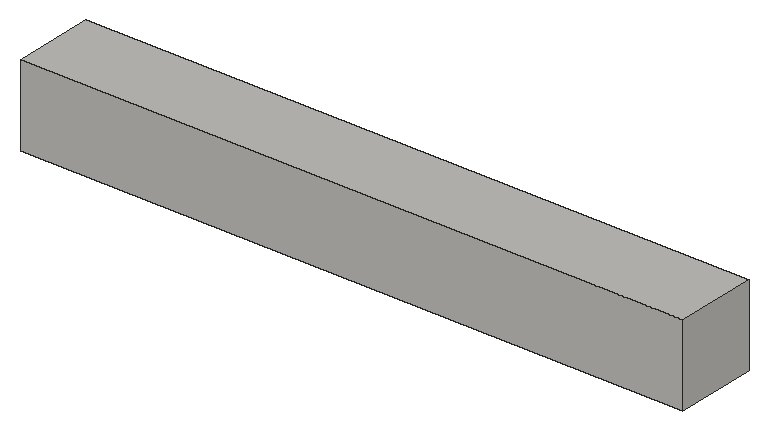
Revit family "Curb_Solid_NobleCompany", category Specialty Equipment, host Face, Revit 2016
Family settings
  Host = Face
  Part Type = Normal
  Round Connector Dimension = Use Diameter
  OmniClass Number = 23.45.55.21
  OmniClass Title = Drains (Wastes)
  Cut with Voids When Loaded = No
  Shared = No
  Room Calculation Point = No
Parameters (values of type "1 Sided")
  Width [instance] = 32 1/2"
  URL = "www.noblecompany.com"
  Type Comments = ""
  Radius = 15 1/2"
  Product Properties = "http://www.noblecompany.com/Portals/0/PRODUCT%20INFO/Product%20Descriptions/FreeStyle%20Linear%20Drain%20Product%20Decription%200410.pdf"
  Product Data = "http://www.noblecompany.com/Products/ShowerProducts/tabid/59/Default.aspx"
  Model = "Preformed Curb"
  Manufacturer Phone - Toll Free = "800-878-5788"
  Manufacturer Phone = "231-799-8000"
  Manufacturer Fax = "231-799-8850"
  Manufacturer Email = "mailto:sales@noblecompany.com"
  Manufacturer Address = "7300 Enterprise Drive, Spring Lake, MI  49456 USA"
  Manufacturer = "Noble Company"
  Floor Offset_Outside [instance] = 1"
  Floor Offset_Inside [instance] = 1/2"
  Det2 = no
  Depth [instance] = 32 1/2"
  Installation-Fabrication = "http://www.noblecompany.com/Portals/0/PRODUCT%20INFO/Product%20Descriptions/FreeStyle%20Linear%20Drain%20Product%20Decription%200410.pdf"
  Height = 20"
  Description = "Noble Preformed Curb"
  Building Codes = "http://www.noblecompany.com/Portals/0/TECHNICAL%20INFO/Listing_Testing_Certification_Reports/PMG-1065%20Noble%20Company%20Linear%20Drain%20final%202.pdf"
  Base = Polymer coated Expanded Polystyrene
  Assembly Code = "D2030300"
  Default Elevation = 0"
  3 Sides = no
  2 Sides = no
  1 Side = yes
Types (3): name | Type Comments | Model | Floor Offset_Outside | Floor Offset_Inside | Det2 | Description | 3 Sides | 2 Sides | 1 Side
  1 Sided | "" | "Preformed Curb" | 1" | 1/2" | no | "Noble Preformed Curb" | no | no | yes
  2 Sided | "" | "Preformed Overlay Curb" | 1/4" | 1/4" | yes | "Noble Preformed Overlay Curb" | no | yes | no
  3 Sided | "Modify Sweep for Neo Angles and Custom Applications" | "Preformed Overlay Curb" | 1/2" | 1/4" | yes | "Noble Preformed Overlay Curb" | yes | no | no
Reference planes (in)
  plane 1 "Center (Front/Back)": y = 0
  plane 2: z = 0
  plane 3 "Center (Left/Right)": x = 0
  plane 4: x = 32.5
  plane 5: y = 32.5
  plane 6: z = 20
Forms (in)
  Sweep 1, solid, material "Polymer coated Expanded Polystyrene" <- "Base", visible <- "1 Side"
    path origin (0, 0, 0) x (1, 0, 0) y (0, 1, 0)
      loop
        line (0, 0) -> (32.5, 0)
    profile "Profle_Curb_Solid : Profle_Curb_Solid" origin (16.25, 0, 0) x (0, 1, 0) y (0, 0, 1)
      loop
        line (0, 0) -> (0, 4) -> (-4, 4) -> (-4, 0) -> (0, 0)
  Sweep 2, solid, material "Polymer coated Expanded Polystyrene" <- "Base", visible <- "2 Sides"
    path origin (0, 0, 0) x (1, 0, 0) y (0, 1, 0)
      loop
        line (0, 0) -> (32.5, 0) -> (32.5, 32.5)
    profile "Profle_Curb_Solid : Profle_Curb_Solid" origin (16.25, 0, 0) x (0, 1, 0) y (0, 0, 1)
      loop
        line (0, 0) -> (0, 4) -> (-4, 4) -> (-4, 0) -> (0, 0)
  Sweep 3, solid, material "Polymer coated Expanded Polystyrene" <- "Base", visible <- "3 Sides"
    path origin (0, 0, 0) x (1, 0, 0) y (0, 1, 0)
      loop
        line (0, 0) -> (32.5, 0) -> (32.5, 32.5) -> (0, 32.5)
    profile "Profle_Curb_Solid : Profle_Curb_Solid" origin (16.25, 0, 0) x (0, 1, 0) y (0, 0, 1)
      loop
        line (0, 0) -> (0, 4) -> (-4, 4) -> (-4, 0) -> (0, 0)
Dimensions and locks (in)
  "Height": plane 6 to level
  "Width": plane 3 "Center (Left/Right)" to plane 4
  "Depth": plane 5 to plane 1 "Center (Front/Back)"
  aligned and locked: plane 2 to host face
  aligned and locked: level to host face
  aligned and locked: plane 1 "Center (Front/Back)" to Sweep 1 sketch curve
  aligned and locked: plane 3 "Center (Left/Right)" to Sweep 1 sketch curve
  aligned and locked: plane 4 to Sweep 1 sketch curve
  aligned and locked: plane 3 "Center (Left/Right)" to Sweep 2 sketch curve
  aligned and locked: plane 5 to Sweep 2 sketch curve
  aligned and locked: plane 4 to Sweep 2 sketch curve
  aligned and locked: plane 1 "Center (Front/Back)" to Sweep 2 sketch curve
  aligned and locked: plane 3 "Center (Left/Right)" to Sweep 3 sketch curve  (x2)
  aligned and locked: plane 1 "Center (Front/Back)" to Sweep 3 sketch curve
  aligned and locked: plane 4 to Sweep 3 sketch curve
  aligned and locked: plane 5 to Sweep 3 sketch curve
  aligned and locked: nested 1 to level
  aligned and locked: plane 4 to nested 1
  aligned and locked: plane 5 to nested 2
  aligned and locked: nested 2 to level
  aligned and locked: nested 3 to plane 1 "Center (Front/Back)"
  aligned and locked: level to nested 3
Automatic sketch dimensions
  host sketch curve to host sketch curve = 56 1/2"
  host sketch curve to host sketch curve = 49.54642"
Nested families (in)
  nested 1: "Detail_Curb_Solid" at (32.5, 0, 0) x (1, 0, 0) z (0, -1, 0), visible <- "Det2", type "Detail_Curb_Solid"
  nested 2: "Detail_Curb_Solid" at (0, 32.5, 0) x (0, 1, 0) z (1, 0, 0), visible <- "3 Sides", type "Detail_Curb_Solid"
  nested 3: "Detail_Curb_Solid" at (0, 0, 0) x (0, -1, 0) z (1, 0, 0), type "Detail_Curb_Solid"
Definition of nested family "Detail_Curb_Solid"
  Parameters
    Floor Offset_Shower Side = 1"
    Floor Offset_Outside = 1/2"
  Reference planes (in)
    plane 1 "Center (Front/Back)": y = 0
    plane 2: z = 0
    plane 3 "Center (Left/Right)": x = 0
    plane 4: y = 4
    plane 5: x = 4
  Lines and regions (in)
    Filled region 1, type "Concrete", in view "Ref. Level"
      outline origin (0.125, 0.375, 0) x (1, 0, 0) y (0, 1, 0)
        loop
          line (-0.125, 3.625) -> (-0.125, -0.375) -> (3.875, -0.375) -> (3.875, 3.625) -> (-0.125, 3.625)
    Filled region 2, type "Solid", in view "Ref. Level"
      outline origin (0, 0, 0) x (1, 0, 0) y (0, 1, 0)
        loop
          line (0, 0) -> (0, 4) -> (4, 4) -> (4, 0) -> (6, 0) -> (6, 0.0625) -> (4.0625, 0.0625) -> (4.0625, 4.0625) -> (-0.0625, 4.0625) -> (-0.0625, 0.0625) -> (-1.99439, 0.0625) -> (-1.99439, 0) -> (0, 0)
    detail lines, in view "Ref. Level"
      curve 1: arc (4.0625, 3.875, 0) -> (4.1875, 3.75, 0) -> (4.0625, 3.625, 0) r 0.125
      curve 2: arc (4.0625, 3.375, 0) -> (4.1875, 3.25, 0) -> (4.0625, 3.125, 0) r 0.125
      curve 3: arc (4.0625, 2.875, 0) -> (4.1875, 2.75, 0) -> (4.0625, 2.625, 0) r 0.125
      curve 4: arc (4.0625, 2.375, 0) -> (4.1875, 2.25, 0) -> (4.0625, 2.125, 0) r 0.125
      curve 5: arc (4.0625, 1.875, 0) -> (4.1875, 1.75, 0) -> (4.0625, 1.625, 0) r 0.125
      curve 6: arc (4.0625, 1.50349, 0) -> (4.1875, 1.37849, 0) -> (4.0625, 1.25349, 0) r 0.125
      curve 7: arc (4.0625, 1.00349, 0) -> (4.1875, 0.87849, 0) -> (4.0625, 0.75349, 0) r 0.125
      curve 8: arc (4.0625, 0.625, 0) -> (4.1875, 0.5, 0) -> (4.0625, 0.375, 0) r 0.125
      curve 9: arc (0.875, 4.0625, 0) -> (0.75, 4.1875, 0) -> (0.625, 4.0625, 0) r 0.125
      curve 10: arc (1.375, 4.0625, 0) -> (1.25, 4.1875, 0) -> (1.125, 4.0625, 0) r 0.125
      curve 11: arc (1.875, 4.0625, 0) -> (1.75, 4.1875, 0) -> (1.625, 4.0625, 0) r 0.125
      curve 12: arc (2.375, 4.0625, 0) -> (2.25, 4.1875, 0) -> (2.125, 4.0625, 0) r 0.125
      curve 13: arc (2.875, 4.0625, 0) -> (2.75, 4.1875, 0) -> (2.625, 4.0625, 0) r 0.125
      curve 14: arc (3.375, 4.0625, 0) -> (3.25, 4.1875, 0) -> (3.125, 4.0625, 0) r 0.125
      curve 15: arc (3.875, 4.0625, 0) -> (3.75, 4.1875, 0) -> (3.625, 4.0625, 0) r 0.125
      curve 16: arc (-0.0625, 3.875, 0) -> (-0.1875, 3.75, 0) -> (-0.0625, 3.625, 0) r 0.125
      curve 17: arc (-0.0625, 3.375, 0) -> (-0.1875, 3.25, 0) -> (-0.0625, 3.125, 0) r 0.125
      curve 18: arc (-0.0625, 2.875, 0) -> (-0.1875, 2.75, 0) -> (-0.0625, 2.625, 0) r 0.125
      curve 19: arc (-0.0625, 2.375, 0) -> (-0.1875, 2.25, 0) -> (-0.0625, 2.125, 0) r 0.125
      curve 20: arc (-0.0625, 1.875, 0) -> (-0.1875, 1.75, 0) -> (-0.0625, 1.625, 0) r 0.125
      curve 21: arc (-0.0625, 1.50349, 0) -> (-0.1875, 1.37849, 0) -> (-0.0625, 1.25349, 0) r 0.125
      curve 22: arc (-0.0625, 1.00349, 0) -> (-0.1875, 0.87849, 0) -> (-0.0625, 0.75349, 0) r 0.125
      curve 23: arc (-0.0625, 0.625, 0) -> (-0.1875, 0.5, 0) -> (-0.0625, 0.375, 0) r 0.125
      curve 24: arc (0.375, 4.0625, 0) -> (0.25, 4.1875, 0) -> (0.125, 4.0625, 0) r 0.125
      curve 25: line (-0.1875, 0.12638, 0) -> (-0.1875, 4.1875, 0)
      curve 26: line (4.375, 4.1875, 0) -> (-0.375, 4.1875, 0)
      curve 27: line (4.1875, 0.12638, 0) -> (4.1875, 4.1875, 0)
      curve 28: line (-0.375, 0.12638, 0) -> (-0.375, 4.125, 0)
      curve 29: line (4.25, 4.375, 0) -> (2.03197, 4.375, 0)
      curve 30: line (4.375, 0.12638, 0) -> (4.375, 4.125, 0)
      curve 31: arc (-0.375, 4.24856, 0) -> (-0.33797, 4.33797, 0) -> (-0.24856, 4.375, 0) r 0.12644
      curve 32: arc (4.375, 4.25, 0) -> (4.33839, 4.33839, 0) -> (4.25, 4.375, 0) r 0.125
      curve 33: line (1.96947, 4.375, 0) -> (1.96947, 4.1875, 0)
      curve 34: line (2.03197, 4.375, 0) -> (2.03197, 4.1875, 0)
      curve 35: arc (2.03197, 4.375, 0) -> (2.00072, 4.3636, 0) -> (1.96947, 4.375, 0) r 0.04852
      curve 36: line (1.96947, 4.375, 0) -> (-0.24856, 4.375, 0)
      curve 37: line (-0.375, 4.24856, 0) -> (-0.375, 4.1875, 0)
      curve 38: line (-0.375, 4.125, 0) -> (-0.1875, 4.125, 0)
      curve 39: arc (-0.375, 4.1875, 0) -> (-0.36616, 4.15625, 0) -> (-0.375, 4.125, 0) r 0.05964
      curve 40: line (-0.375, 0.12638, 0) -> (-0.1875, 0.12638, 0)
      curve 41: line (4.375, 0.12638, 0) -> (4.1875, 0.12638, 0)
      curve 42: line (4.375, 4.25, 0) -> (4.375, 4.1875, 0)
      curve 43: line (4.375, 4.125, 0) -> (4.1875, 4.125, 0)
      curve 44: arc (4.375, 4.1875, 0) -> (4.36616, 4.15625, 0) -> (4.375, 4.125, 0) r 0.05964
      curve 45: arc (-0.375, 0.12638, 0) -> (-0.36616, 0.09513, 0) -> (-0.375, 0.06388, 0) r 0.05964
      curve 46: arc (4.375, 0.12638, 0) -> (4.36616, 0.09513, 0) -> (4.375, 0.06388, 0) r 0.05964
  Dimensions and locks (in)
    plane 1 "Center (Front/Back)" to plane 4 = 4"
    plane 3 "Center (Left/Right)" to plane 5 = 4"
    locked: plane 1 "Center (Front/Back)" to Filled region 2 sketch curve at 0.0625  (x2)
    locked: plane 5 to Filled region 2 sketch curve at 0.0625
    locked: Filled region 2 sketch curve to plane 4 at 0.0625
    locked: Filled region 2 sketch curve to plane 3 "Center (Left/Right)" at 0.0625
    locked: Filled region 2 sketch curve to plane 3 "Center (Left/Right)" at 1.99439
    locked: plane 5 to Filled region 2 sketch curve at 2
    aligned and locked: Filled region 1 sketch curve to plane 5
    aligned and locked: Filled region 1 sketch curve to plane 4
    aligned and locked: Filled region 2 sketch curve to plane 4
    aligned and locked: Filled region 2 sketch curve to plane 5
    aligned and locked: plane 3 "Center (Left/Right)" to Filled region 2 sketch curve
    aligned and locked: plane 1 "Center (Front/Back)" to Filled region 2 sketch curve  (x2)
    aligned and locked: Filled region 1 sketch curve to plane 1 "Center (Front/Back)"
